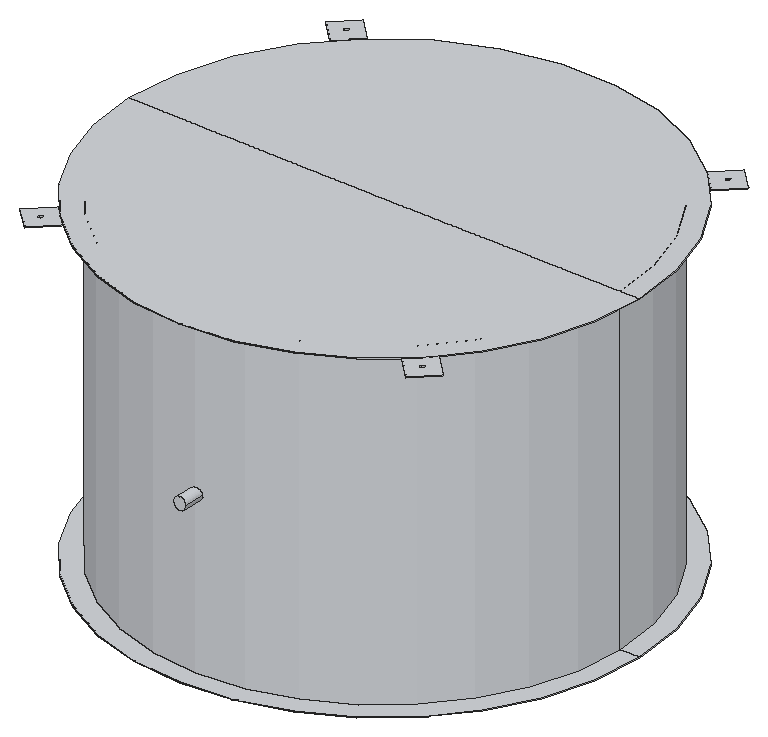
Revit family "AVAD_Upblast_Ceiling_Mount", category Mechanical Equipment, Revit 2019
Family settings
  Round Connector Dimension = Use Radius
  Part Type = Normal
  Work Plane-Based = No
  Always vertical = Yes
  Cut with Voids When Loaded = No
  Shared = No
  Room Calculation Point = No
Parameters (values of type "79_AVAD_UPBLAST_CEILING")
  ModelID [instance] = ""
  L/2 = L / 2  # 2' - 8"
  L = 5' - 4"
  K/2 = K / 2  # 0' - 0 11/32"
  K = 0' - 0 11/16"
  J/2 = J / 2  # 3' - 9 1/4"
  J-B = J - B  # 0' - 4 15/16"
  J = 7' - 6 1/2"
  H = 6' - 4 5/8"
  Unit Weight [instance] = ""
  Sones [instance] = ""
  Motor RPM [instance] = ""
  Motor Enclosure [instance] = ""
  LwA [instance] = ""
  G = 16' - 0"
  Fan RPM [instance] = ""
  F/2 = F / 2  # 0' - 0 11/32"
  F = 0' - 0 11/16"
  E/2 = E / 2  # 2' - 3"
  E-2" = E - 0' 2"  # 4' - 4"
  E-.125" = E - 0' 0 1/8"  # 4' - 5 7/8"
  E = 4' - 6"
  C/2 = C / 2  # 3' - 5 7/16"
  C = 6' - 10 7/8"
  B/2 = B / 2  # 3' - 6 25/32"
  B = 7' - 1 9/16"
  Accessories [instance] = ""
  A/3 = A / 2.5  # 2' - 7 1/2"
  A/2 = A / 2  # 3' - 3 3/8"
  A = 6' - 6 3/4"
  60 = 60.00°  # constant formula
  45 = 45.00°
  30 = 30.00°  # constant formula
  3" = 0' - 3"  # constant formula
  Brake Hp [instance] = ""
  4" = 0' - 4"  # constant formula
  2' = 2' - 0"
  2" = 0' - 2"  # constant formula
  1" = 0' - 1"  # constant formula
  0 = 0' - 0"  # constant formula
  Voltage [instance] = 0 V
  URL = "www.lorencook.com"
  Type Comments = "Adjustable Pitch Vane Axial Upblast Ceiling Mount Direct Drive Arrangement 4"  # constant formula
  Static Pressure [instance] = 0.00 in-wg
  Power [instance] = Voltage * Motor FLA * sqrt(if(Phase = 3, 3, 1))  # 0 VA
  Phase [instance] = 0
  Number of Poles [instance] = 1
  Motor Hp [instance] = "0"
  Motor FLA [instance] = 0 A
  Model = "AVAD"  # constant formula
  Manufacturer = "Loren Cook Company"
  CFM [instance] = 0 CFM
  1.5 = 0' - 1 1/2"  # constant formula
  ONE EIGTH = 0' - 0 1/8"  # constant formula
  -E/2 = -E / 2  # -2' - 3"
  -(E-.25")/2 = -(E - 0' 0 1/4") / 2  # -2' - 2 7/8"
  (L/2)-1" = (L / 2) - 0' 1"  # 2' - 7"
  (J-B)/2 = (J - B) / 2  # 0' - 2 15/32"
  (J+(J-B))/2 = (J + (J - B)) / 2  # 3' - 11 23/32"
  (E-.25")/2 = (E - 0' 0 1/4") / 2  # 2' - 2 7/8"
  (A+.25")/2 = (A + 0' 0 1/4") / 2  # 3' - 3 1/2"
Types (9): name | L/2 | L | K/2 | K | J/2 | J-B | J | H | G | F/2 | F | E/2 | E-2" | E-.125" | E | C/2 | C | B/2 | B | A/3 | A/2 | A | -E/2 | -(E-.25")/2 | (L/2)-1" | (J-B)/2 | (J+(J-B))/2 | (E-.25")/2 | (A+.25")/2
  (no name) | 2' - 8" | 5' - 4" | 0' - 0 11/32" | 0' - 0 11/16" | 3' - 9 1/4" | 0' - 4 15/16" | 7' - 6 1/2" | 6' - 4 5/8" | 16' - 0" | 0' - 0 11/32" | 0' - 0 11/16" | 2' - 3" | 4' - 4" | 4' - 5 7/8" | 4' - 6" | 3' - 5 7/16" | 6' - 10 7/8" | 3' - 6 25/32" | 7' - 1 9/16" | 2' - 7 1/2" | 3' - 3 3/8" | 6' - 6 3/4" | -2' - 3" | -2' - 2 7/8" | 2' - 7" | 0' - 2 15/32" | 3' - 11 23/32" | 2' - 2 7/8" | 3' - 3 1/2"
  35_AVAD_UPBLAST_CEILING | 1' - 3 1/4" | 2' - 6 1/2" | 0' - 0 9/32" | 0' - 0 9/16" | 1' - 9 9/16" | 0' - 3 1/4" | 3' - 7 1/8" | 3' - 11 7/8" | 12' - 0" | 0' - 0 9/32" | 0' - 0 9/16" | 1' - 3" | 2' - 4" | 2' - 5 7/8" | 2' - 6" | 1' - 7" | 3' - 2" | 1' - 7 15/16" | 3' - 3 7/8" | 1' - 2.2" | 1' - 5 3/4" | 2' - 11 1/2" | -1' - 3" | -1' - 2 7/8" | 1' - 2 1/4" | 0' - 1 5/8" | 1' - 11 3/16" | 1' - 2 7/8" | 1' - 5 7/8"
  39_AVAD_UPBLAST_CEILING | 1' - 4 21/32" | 2' - 9 5/16" | 0' - 0 9/32" | 0' - 0 9/16" | 1' - 11 9/16" | 0' - 3 3/16" | 3' - 11 1/8" | 4' - 1 7/8" | 12' - 0" | 0' - 0 9/32" | 0' - 0 9/16" | 1' - 3" | 2' - 4" | 2' - 5 7/8" | 2' - 6" | 1' - 8 15/16" | 3' - 5 7/8" | 1' - 9 31/32" | 3' - 7 15/16" | 1' - 3 3/4" | 1' - 7 11/16" | 3' - 3 3/8" | -1' - 3" | -1' - 2 7/8" | 1' - 3 21/32" | 0' - 1 19/32" | 2' - 1 5/32" | 1' - 2 7/8" | 1' - 7 13/16"
  44_AVAD_UPBLAST_CEILING | 1' - 7 1/16" | 3' - 2 1/8" | 0' - 0 11/32" | 0' - 0 11/16" | 2' - 2 15/16" | 0' - 4 1/4" | 4' - 5 7/8" | 4' - 5 1/4" | 12' - 0" | 0' - 0 9/32" | 0' - 0 9/16" | 1' - 5" | 2' - 8" | 2' - 9 7/8" | 2' - 10" | 1' - 11 11/16" | 3' - 11 3/8" | 2' - 0 13/16" | 4' - 1 5/8" | 1' - 5.65" | 1' - 10 1/16" | 3' - 8 1/8" | -1' - 5" | -1' - 4 7/8" | 1' - 6 1/16" | 0' - 2 1/8" | 2' - 5 1/16" | 1' - 4 7/8" | 1' - 10 3/16"
  49_AVAD_UPBLAST_CEILING | 1' - 8 7/8" | 3' - 5 3/4" | 0' - 0 11/32" | 0' - 0 11/16" | 2' - 5 1/2" | 0' - 4 1/4" | 4' - 11" | 4' - 7 3/4" | 12' - 0" | 0' - 0 9/32" | 0' - 0 9/16" | 1' - 5" | 2' - 8" | 2' - 9 7/8" | 2' - 10" | 2' - 2 1/4" | 4' - 4 1/2" | 2' - 3 3/8" | 4' - 6 3/4" | 1' - 7.7" | 2' - 0 5/8" | 4' - 1 1/4" | -1' - 5" | -1' - 4 7/8" | 1' - 7 7/8" | 0' - 2 1/8" | 2' - 7 5/8" | 1' - 4 7/8" | 2' - 0 3/4"
  57_AVAD_UPBLAST_CEILING | 1' - 11 21/32" | 3' - 11 5/16" | 0' - 0 11/32" | 0' - 0 11/16" | 2' - 9 7/16" | 0' - 4 1/4" | 5' - 6 7/8" | 5' - 5 3/4" | 12' - 0" | 0' - 0 9/32" | 0' - 0 9/16" | 1' - 9" | 3' - 4" | 3' - 5 7/8" | 3' - 6" | 2' - 5 15/16" | 4' - 11 7/8" | 2' - 7 5/16" | 5' - 2 5/8" | 1' - 10.85" | 2' - 4 9/16" | 4' - 9 1/8" | -1' - 9" | -1' - 8 7/8" | 1' - 10 21/32" | 0' - 2 1/8" | 2' - 11 9/16" | 1' - 8 7/8" | 2' - 4 11/16"
  63_AVAD_UPBLAST_CEILING | 2' - 1 23/32" | 4' - 3 7/16" | 0' - 0 11/32" | 0' - 0 11/16" | 3' - 0 3/8" | 0' - 4 1/4" | 6' - 0 3/4" | 5' - 8 5/8" | 16' - 0" | 0' - 0 11/32" | 0' - 0 11/16" | 1' - 9" | 3' - 4" | 3' - 5 7/8" | 3' - 6" | 2' - 9 1/8" | 5' - 6 1/4" | 2' - 10 1/4" | 5' - 8 1/2" | 2' - 1.2" | 2' - 7 1/2" | 5' - 3" | -1' - 9" | -1' - 8 7/8" | 2' - 0 23/32" | 0' - 2 1/8" | 3' - 2 1/2" | 1' - 8 7/8" | 2' - 7 5/8"
  71_AVAD_UPBLAST_CEILING | 2' - 5 7/32" | 4' - 10 7/16" | 0' - 0 11/32" | 0' - 0 11/16" | 3' - 5 5/16" | 0' - 5" | 6' - 10 5/8" | 6' - 0 3/4" | 16' - 0" | 0' - 0 11/32" | 0' - 0 11/16" | 2' - 3" | 4' - 4" | 4' - 5 7/8" | 4' - 6" | 3' - 1 1/2" | 6' - 3" | 3' - 2 13/16" | 6' - 5 5/8" | 2' - 4.35" | 2' - 11 7/16" | 5' - 10 7/8" | -2' - 3" | -2' - 2 7/8" | 2' - 4 7/32" | 0' - 2 1/2" | 3' - 7 13/16" | 2' - 2 7/8" | 2' - 11 9/16"
  79_AVAD_UPBLAST_CEILING | 2' - 8" | 5' - 4" | 0' - 0 11/32" | 0' - 0 11/16" | 3' - 9 1/4" | 0' - 4 15/16" | 7' - 6 1/2" | 6' - 4 5/8" | 16' - 0" | 0' - 0 11/32" | 0' - 0 11/16" | 2' - 3" | 4' - 4" | 4' - 5 7/8" | 4' - 6" | 3' - 5 7/16" | 6' - 10 7/8" | 3' - 6 25/32" | 7' - 1 9/16" | 2' - 7 1/2" | 3' - 3 3/8" | 6' - 6 3/4" | -2' - 3" | -2' - 2 7/8" | 2' - 7" | 0' - 2 15/32" | 3' - 11 23/32" | 2' - 2 7/8" | 3' - 3 1/2"
Reference planes (in)
  plane 1 "Center (Front/Back)": y = 0
  plane 2: z = 0
  plane 3 "Center (Left/Right)": x = 0.40541
Forms (in)
  Revolve 1, solid
    sketch origin (0, 0, 0) x (1, 0, 0) y (0, 0, 1)
      loop
        line (0.40541, 0) -> (43.18666, 0) -> (43.18666, 0.125) -> (39.90541, 0.125) -> (39.90541, 53.875) -> (43.18666, 53.875) -> (43.18666, 54) -> (0.40541, 54) -> (0.40541, 0)
      axis (0.40541, 54) -> (0.40541, 0)
    angle from 0 to 360
  Extrusion 2, solid
    sketch origin (0, 0, 0) x (1, 0, 0) y (0, 1, 0)
      loop
        line (-28.04942, 31.94617) -> (-31.54598, 35.44273)
        arc (-31.54598, 35.44273) -> (-33.33684, 33.74225) -> (-35.03732, 31.9514) r 47.71875
        line (-35.03732, 31.9514) -> (-31.54076, 28.45483)
        arc (-31.54076, 28.45483) -> (-29.8455, 30.25091) -> (-28.04942, 31.94617) r 42.78125
      loop
        arc (28.86024, 31.94617) -> (30.65632, 30.25091) -> (32.35158, 28.45483) r 42.78125
        line (32.35158, 28.45483) -> (35.84815, 31.9514)
        arc (35.84815, 31.9514) -> (34.14766, 33.74225) -> (32.35681, 35.44273) r 47.71875
        line (32.35681, 35.44273) -> (28.86024, 31.94617)
      loop
        line (28.86024, -31.94617) -> (32.35681, -35.44273)
        arc (32.35681, -35.44273) -> (34.14766, -33.74225) -> (35.84815, -31.9514) r 47.71875
        line (35.84815, -31.9514) -> (32.35158, -28.45483)
        arc (32.35158, -28.45483) -> (30.65632, -30.25091) -> (28.86024, -31.94617) r 42.78125
      loop
        arc (-28.04942, -31.94617) -> (-29.8455, -30.25091) -> (-31.54076, -28.45483) r 42.78125
        line (-31.54076, -28.45483) -> (-35.03732, -31.9514)
        arc (-35.03732, -31.9514) -> (-33.33684, -33.74225) -> (-31.54598, -35.44273) r 47.71875
        line (-31.54598, -35.44273) -> (-28.04942, -31.94617)
    from 54 <- "E" to 53.875 <- "E-.125""
  Extrusion 3, void
    sketch origin (0, 0, 0) x (1, 0, 0) y (0, 1, 0)
      loop
        circle (32.40541, 32) r 0.34375
      loop
        circle (-31.59459, 32) r 0.34375
      loop
        circle (-31.59459, -32) r 0.34375
      loop
        circle (32.40541, -32) r 0.34375
    from 0 to 54 <- "E"
  Extrusion 4, solid
    sketch origin (0, 0, 0) x (1, 0, 0) y (0, 0, 1)
      loop
        circle (0.40541, 27) r 1
    from 0 to 42.78125 <- "B/2"
Cuts and joins
  Extrusion 3 cuts Revolve 1
  Extrusion 3 cuts Extrusion 2
Dimensions and locks (in)
  "0": Revolve 1 sketch curve to plane 3 "Center (Left/Right)"  (x2)
  "0": Revolve 1 sketch curve to level
  "B/2": Revolve 1 sketch curve to plane 3 "Center (Left/Right)"  (x2)
  "(A+.25")/2": Revolve 1 sketch curve to plane 3 "Center (Left/Right)"
  "ONE EIGTH": Revolve 1 sketch curve to Revolve 1 sketch curve  (x2)
  "E": Revolve 1 sketch curve to level
  "0": Extrusion 2 sketch curve to plane 3 "Center (Left/Right)"  (x8)
  "0": Extrusion 2 sketch curve to plane 1 "Center (Front/Back)"  (x8)
  "J-B": Extrusion 2 sketch curve to Extrusion 2 sketch curve  (x4)
  "(J-B)/2": plane 3 "Center (Left/Right)" to Extrusion 2 sketch curve  (x3)
  "(J-B)/2": Extrusion 2 sketch curve to plane 3 "Center (Left/Right)"
  "L/2": plane 3 "Center (Left/Right)" to Extrusion 3 sketch curve  (x4)
  "L/2": plane 1 "Center (Front/Back)" to Extrusion 3 sketch curve  (x4)
  "0": Extrusion 4 sketch curve to plane 3 "Center (Left/Right)"
  "E/2": Extrusion 4 sketch curve to level
  "(J+(J-B))/2": radius of Extrusion 2 sketch curve  (x4)
  "B/2": radius of Extrusion 2 sketch curve  (x4)
  "K/2": radius of Extrusion 3 sketch curve  (x4)
  "1"": radius of Extrusion 4 sketch curve
  "45": angle plane 3 "Center (Left/Right)" to Extrusion 2 sketch curve
  "45": angle Extrusion 2 sketch curve to plane 3 "Center (Left/Right)"  (x2)
  "45": angle Extrusion 2 sketch curve to plane 1 "Center (Front/Back)"
Automatic sketch dimensions
  Revolve 1 sketch curve to level = 0' - 0"
  Revolve 1 sketch curve to level = 1' - 0"
Connectors (in)
  hvac at (0.40541, 0, 54), driven by "A/2"
    settings: on cut or joined group of Revolve 1, Extrusion 3, index 1, duct flow 0 CFM, flow factor 0, pres drop 0.00 in-wg, loss coef 0, conn angle 0.00°, conn width 12", conn height 12", conn diameter 78 3/4", duct sys type 29, conn prof type 0, flow config 0, flow direction 2, loss method 0, conn ref index -1, conn util no, is conn primary yes, conn desc ""
  hvac at (0.40541, 0, 0.125), driven by "A/2"
    settings: on cut or joined group of Revolve 1, Extrusion 3, index 2, duct flow 0 CFM, flow factor 0, pres drop 0.00 in-wg, loss coef 0, conn angle 0.00°, conn width 12", conn height 12", conn diameter 78 3/4", duct sys type 29, conn prof type 0, flow config 0, flow direction 1, loss method 0, conn ref index -1, conn util no, is conn primary no, conn desc ""
  electrical at (0.40541, -42.78125, 27)
    settings: on Extrusion 4, index 3, voltage 0 V, apparent load 0 VA, apparent load phase1 0 VA, apparent load phase2 0 VA, apparent load phase3 0 VA, power factor 1, load classification "Other", number of poles 1, system type 30, power factor state 1, is connector primary yes, connector utility no, sub classification motor no, connector description ""
